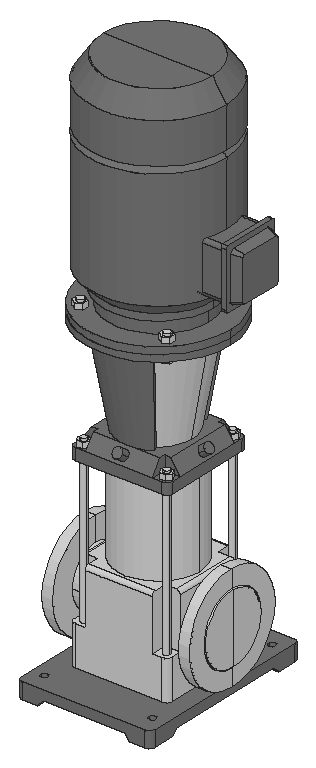
Revit family "TESK_Насос вертикальный_SVM(T)-150", category Оборудование, Revit 2019 (continued)
Types in the file's own list only (34): name | Толщина_ФланцаДвигателя | Напор максимальный | Материал_КорпусУлитка | Высота_Башня | Высота_Корпуса | D_Башня | ADSK_Полная мощность | ADSK_Номинальная мощность | ADSK_Напряжение | ADSK_Наименование | ADSK_Масса_Текст | ADSK_Масса | ADSK_Марка | ADSK_Код изделия | ADSK_Диаметр условный | Фланец_Толщина | УГО_Длина | Двигатель_Ширина | Двигатель_ОтступКоробки | Двигатель_Высота
  SVM 150-5-2 55kW 3x380V 50Hz IE3 | 24 мм | 115.5 | TESK_Нержавеющая сталь | 500 мм | 1510 мм | 413 мм | 55 кВ·А | 55 кВт | 400 В | "Вертикальный многоступенчатый центробежный насос SVM, DN125, PN25-40, Hmax=115.5м (3x380V 50Hz IE3)" | "570" | 570 | "SVM 150-5-2 55kW 3x380V 50Hz IE3" | "77150-50-20003380NSSF" | 125 мм | 30 мм | 380 мм | 550 мм | 370 мм | 810 мм
  SVM 150-5-1 75kW 3x380V 50Hz IE3 | 26 мм | 122.5 | TESK_Нержавеющая сталь | 500 мм | 1510 мм | 435 мм | 75 кВ·А | 75 кВт | 400 В | "Вертикальный многоступенчатый центробежный насос SVM, DN125, PN25-40, Hmax=122.5м (3x380V 50Hz IE3)" | "690" | 690 | "SVM 150-5-1 75kW 3x380V 50Hz IE3" | "77150-50-10003380NSSF" | 125 мм | 30 мм | 380 мм | 580 мм | 410 мм | 870 мм
  SVM 150-5 75kW 3x380V 50Hz IE3 | 26 мм | 130 | TESK_Нержавеющая сталь | 500 мм | 1510 мм | 435 мм | 75 кВ·А | 75 кВт | 400 В | "Вертикальный многоступенчатый центробежный насос SVM, DN125, PN25-40, Hmax=130м (3x380V 50Hz IE3)" | "690" | 690 | "SVM 150-5 75kW 3x380V 50Hz IE3" | "77150-500003380NSSF" | 125 мм | 30 мм | 380 мм | 580 мм | 410 мм | 870 мм
  SVM 150-6-2 75kW 3x380V 50Hz IE3 | 26 мм | 140 | TESK_Нержавеющая сталь | 560 мм | 1670 мм | 435 мм | 75 кВ·А | 75 кВт | 400 В | "Вертикальный многоступенчатый центробежный насос SVM, DN125, PN25-40, Hmax=140м (3x380V 50Hz IE3)" | "700" | 700 | "SVM 150-6-2 75kW 3x380V 50Hz IE3" | "77150-60-20003380NSSF" | 125 мм | 30 мм | 380 мм | 580 мм | 410 мм | 870 мм
  SVM 150-6-1 75kW 3x380V 50Hz IE3 | 26 мм | 148.5 | TESK_Нержавеющая сталь | 560 мм | 1670 мм | 435 мм | 75 кВ·А | 75 кВт | 400 В | "Вертикальный многоступенчатый центробежный насос SVM, DN125, PN25-40, Hmax=148.5м (3x380V 50Hz IE3)" | "703" | 703 | "SVM 150-6-1 75kW 3x380V 50Hz IE3" | "77150-60-10003380NSSF" | 125 мм | 30 мм | 380 мм | 580 мм | 410 мм | 870 мм
  SVM 150-6 75kW 3x380V 50Hz IE3 | 26 мм | 157 | TESK_Нержавеющая сталь | 560 мм | 1670 мм | 435 мм | 75 кВ·А | 75 кВт | 400 В | "Вертикальный многоступенчатый центробежный насос SVM, DN125, PN25-40, Hmax=157м (3x380V 50Hz IE3)" | "703" | 703 | "SVM 150-6 75kW 3x380V 50Hz IE3" | "77150-600003380NSSF" | 125 мм | 30 мм | 380 мм | 580 мм | 410 мм | 870 мм
  SVMT 150-1-1 11kW 3x380V 50Hz IE3 | 17 мм | 18.3 | TESK_Черный_Условный | 300 мм | 840 мм | 263 мм | 11 кВ·А | 11 кВт | 400 В | "Вертикальный многоступенчатый центробежный насос SVMT, DN125, PN25-40, Hmax=18.3м (3x380V 50Hz IE3)" | "235" | 235 | "SVMT 150-1-1 11kW 3x380V 50Hz IE3" | "77150-10-10003380N" | 125 мм | 30 мм | 380 мм | 350 мм | 260 мм | 580 мм
  SVMT 150-1 15kW 3x380V 50Hz IE3 | 17 мм | 24 | TESK_Черный_Условный | 300 мм | 840 мм | 263 мм | 15 кВ·А | 15 кВт | 400 В | "Вертикальный многоступенчатый центробежный насос SVMT, DN125, PN25-40, Hmax=24м (3x380V 50Hz IE3)" | "235" | 235 | "SVMT 150-1 15kW 3x380V 50Hz IE3" | "77150-100003380N" | 125 мм | 30 мм | 380 мм | 350 мм | 260 мм | 580 мм
  SVMT 150-2-2 18.5kW 3x380V 50Hz IE3 | 18 мм | 37 | TESK_Черный_Условный | 340 мм | 1000 мм | 263 мм | 19 кВ·А | 19 кВт | 400 В | "Вертикальный многоступенчатый центробежный насос SVMT, DN125, PN25-40, Hmax=37м (3x380V 50Hz IE3)" | "250" | 250 | "SVMT 150-2-2 18.5kW 3x380V 50Hz IE3" | "77150-20-20003380N" | 125 мм | 30 мм | 380 мм | 350 мм | 260 мм | 610 мм
  SVMT 150-2-1 22kW 3x380V 50Hz IE3 | 19 мм | 44.3 | TESK_Черный_Условный | 340 мм | 1000 мм | 270 мм | 22 кВ·А | 22 кВт | 400 В | "Вертикальный многоступенчатый центробежный насос SVMT, DN125, PN25-40, Hmax=44.3м (3x380V 50Hz IE3)" | "295" | 295 | "SVMT 150-2-1 22kW 3x380V 50Hz IE3" | "77150-20-10003380N" | 125 мм | 30 мм | 380 мм | 360 мм | 285 мм | 645 мм
  SVMT 150-2 30kW 3x380V 50Hz IE3 | 21 мм | 50 | TESK_Черный_Условный | 340 мм | 1000 мм | 300 мм | 30 кВ·А | 30 кВт | 400 В | "Вертикальный многоступенчатый центробежный насос SVMT, DN125, PN25-40, Hmax=50м (3x380V 50Hz IE3)" | "350" | 350 | "SVMT 150-2 30kW 3x380V 50Hz IE3" | "77150-200003380N" | 125 мм | 30 мм | 380 мм | 400 мм | 310 мм | 705 мм
  SVMT 150-3-2 30kW 3x380V 50Hz IE3 | 21 мм | 63.5 | TESK_Черный_Условный | 380 мм | 1160 мм | 300 мм | 30 кВ·А | 30 кВт | 400 В | "Вертикальный многоступенчатый центробежный насос SVMT, DN125, PN25-40, Hmax=63.5м (3x380V 50Hz IE3)" | "360" | 360 | "SVMT 150-3-2 30kW 3x380V 50Hz IE3" | "77150-30-20003380N" | 125 мм | 30 мм | 380 мм | 400 мм | 310 мм | 705 мм
  SVMT 150-3-1 37kW 3x380V 50Hz IE3 | 21 мм | 70 | TESK_Черный_Условный | 380 мм | 1160 мм | 300 мм | 37 кВ·А | 37 кВт | 400 В | "Вертикальный многоступенчатый центробежный насос SVMT, DN125, PN25-40, Hmax=70м (3x380V 50Hz IE3)" | "385" | 385 | "SVMT 150-3-1 37kW 3x380V 50Hz IE3" | "77150-30-10003380N" | 125 мм | 30 мм | 380 мм | 400 мм | 310 мм | 705 мм
  SVMT 150-3 37kW 3x380V 50Hz IE3 | 21 мм | 78 | TESK_Черный_Условный | 380 мм | 1160 мм | 300 мм | 37 кВ·А | 37 кВт | 400 В | "Вертикальный многоступенчатый центробежный насос SVMT, DN125, PN25-40, Hmax=78м (3x380V 50Hz IE3)" | "385" | 385 | "SVMT 150-3 37kW 3x380V 50Hz IE3" | "77150-300003380N" | 125 мм | 30 мм | 380 мм | 400 мм | 310 мм | 705 мм
  SVMT 150-4-2 45kW 3x380V 50Hz IE3 | 22 мм | 89 | TESK_Черный_Условный | 420 мм | 1320 мм | 345 мм | 45 кВ·А | 45 кВт | 400 В | "Вертикальный многоступенчатый центробежный насос SVMT, DN125, PN25-40, Hmax=89м (3x380V 50Hz IE3)" | "460" | 460 | "SVMT 150-4-2 45kW 3x380V 50Hz IE3" | "77150-40-20003380N" | 125 мм | 30 мм | 380 мм | 460 мм | 340 мм | 740 мм
  SVMT 150-4-1 45kW 3x380V 50Hz IE3 | 22 мм | 96.5 | TESK_Черный_Условный | 420 мм | 1320 мм | 345 мм | 45 кВ·А | 45 кВт | 400 В | "Вертикальный многоступенчатый центробежный насос SVMT, DN125, PN25-40, Hmax=96.5м (3x380V 50Hz IE3)" | "460" | 460 | "SVMT 150-4-1 45kW 3x380V 50Hz IE3" | "77150-40-10003380N" | 125 мм | 30 мм | 380 мм | 460 мм | 340 мм | 740 мм
  SVMT 150-4 55kW 3x380V 50Hz IE3 | 24 мм | 104 | TESK_Черный_Условный | 440 мм | 1350 мм | 413 мм | 55 кВ·А | 55 кВт | 400 В | "Вертикальный многоступенчатый центробежный насос SVMT, DN125, PN25-40, Hmax=104м (3x380V 50Hz IE3)" | "560" | 560 | "SVMT 150-4 55kW 3x380V 50Hz IE3" | "77150-400003380N" | 125 мм | 30 мм | 380 мм | 550 мм | 370 мм | 810 мм
  SVMT 150-5-2 55kW 3x380V 50Hz IE3 | 24 мм | 115.5 | TESK_Черный_Условный | 500 мм | 1510 мм | 413 мм | 55 кВ·А | 55 кВт | 400 В | "Вертикальный многоступенчатый центробежный насос SVMT, DN125, PN25-40, Hmax=115.5м (3x380V 50Hz IE3)" | "570" | 570 | "SVMT 150-5-2 55kW 3x380V 50Hz IE3" | "77150-50-20003380N" | 125 мм | 30 мм | 380 мм | 550 мм | 370 мм | 810 мм
  SVMT 150-5-1 75kW 3x380V 50Hz IE3 | 26 мм | 122.5 | TESK_Черный_Условный | 500 мм | 1510 мм | 435 мм | 75 кВ·А | 75 кВт | 400 В | "Вертикальный многоступенчатый центробежный насос SVMT, DN125, PN25-40, Hmax=122.5м (3x380V 50Hz IE3)" | "690" | 690 | "SVMT 150-5-1 75kW 3x380V 50Hz IE3" | "77150-50-10003380N" | 125 мм | 30 мм | 380 мм | 580 мм | 410 мм | 870 мм
  SVMT 150-5 75kW 3x380V 50Hz IE3 | 26 мм | 130 | TESK_Черный_Условный | 500 мм | 1510 мм | 435 мм | 75 кВ·А | 75 кВт | 400 В | "Вертикальный многоступенчатый центробежный насос SVMT, DN125, PN25-40, Hmax=130м (3x380V 50Hz IE3)" | "690" | 690 | "SVMT 150-5 75kW 3x380V 50Hz IE3" | "77150-500003380N" | 125 мм | 30 мм | 380 мм | 580 мм | 410 мм | 870 мм
  SVMT 150-6-2 75kW 3x380V 50Hz IE3 | 26 мм | 140 | TESK_Черный_Условный | 560 мм | 1670 мм | 435 мм | 75 кВ·А | 75 кВт | 400 В | "Вертикальный многоступенчатый центробежный насос SVMT, DN125, PN25-40, Hmax=140м (3x380V 50Hz IE3)" | "700" | 700 | "SVMT 150-6-2 75kW 3x380V 50Hz IE3" | "77150-60-20003380N" | 125 мм | 30 мм | 380 мм | 580 мм | 410 мм | 870 мм
  SVMT 150-6-1 75kW 3x380V 50Hz IE3 | 26 мм | 148.5 | TESK_Черный_Условный | 560 мм | 1670 мм | 435 мм | 75 кВ·А | 75 кВт | 400 В | "Вертикальный многоступенчатый центробежный насос SVMT, DN125, PN25-40, Hmax=148.5м (3x380V 50Hz IE3)" | "703" | 703 | "SVMT 150-6-1 75kW 3x380V 50Hz IE3" | "77150-60-10003380N" | 125 мм | 30 мм | 380 мм | 580 мм | 410 мм | 870 мм
  SVMT 150-6 75kW 3x380V 50Hz IE3 | 26 мм | 157 | TESK_Черный_Условный | 560 мм | 1670 мм | 435 мм | 75 кВ·А | 75 кВт | 400 В | "Вертикальный многоступенчатый центробежный насос SVMT, DN125, PN25-40, Hmax=157м (3x380V 50Hz IE3)" | "703" | 703 | "SVMT 150-6 75kW 3x380V 50Hz IE3" | "77150-600003380N" | 125 мм | 30 мм | 380 мм | 580 мм | 410 мм | 870 мм
